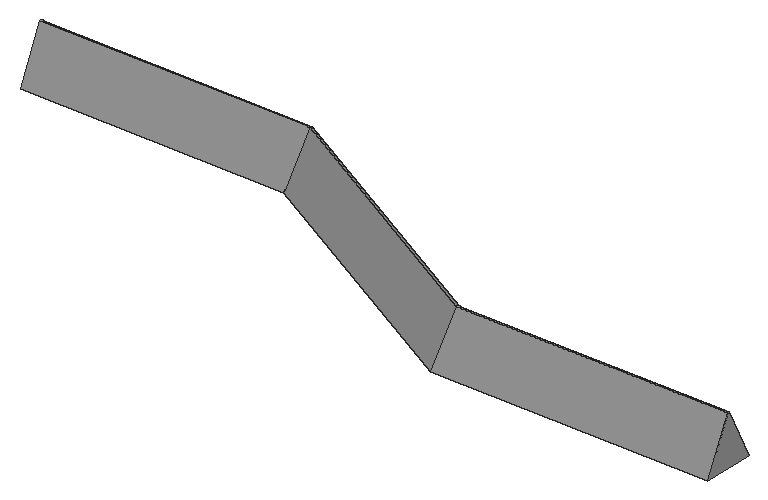
Revit family "Armeret_BetonZig-Zag_50mm_p_i_t_1131110", category Generic Models, Revit 2019
Family settings
  Can host rebar = No
  Round Connector Dimension = Use Diameter
  Part Type = Normal
  Work Plane-Based = Yes
  Always vertical = No
  Cut with Voids When Loaded = No
  Shared = No
  Room Calculation Point = No
Parameters (values of type "50 mm")
  concrete = Concrete
  Website Link = "https://haucon.dk/produkt/armeret-beton-zig-zag/#variations"
  Total Length = 800 mm
  Technical Data Sheet = "https://haucon.dk/wp-content/uploads/2016/04/1131090-Beton-zig-zag-TDS-DK.pdf"
  Default Elevation = 1219.2 mm
  Armerment width = 50 mm
  Armerment Height = Armerment width  # 50 mm
Types (13, lengths in mm): name | Armerment width | Armerment Height
  35 mm | 35 | 35
  55 mm | 55 | 55
  40 mm | 40 | 40
  45 mm | 45 | 45
  50 mm | 50 | 50
  60 mm | 60 | 60
  25 mm | 25 | 25
  30 mm | 30 | 30
  70 mm | 70 | 70
  75 mm | 75 | 75
  80 mm | 80 | 80
  90 mm | 90 | 90
  100 mm | 100 | 100
Reference planes
  plane 1 "Center (Front/Back)": y = 0
  plane 2: z = 0
  plane 3 "Center (Left/Right)": x = 0
  plane 4: y = 25
  plane 5: y = -25
  plane 6: z = 50
  plane 7: x = 266.667
  plane 8: x = 533.333
  plane 9: x = 800
Forms (mm)
  Sweep 1, solid, material "Concrete" <- "concrete"
    path origin (135, 0, 0) x (1, 0, 0) y (0, 1, 0)
      loop
        line (-135, 0) -> (132.554, 0) -> (397.446, -149.776) -> (665, -149.776)
    profile origin (133.777, 0, 0) x (0, 1, 0) y (0, 0, 1)
      loop
        line (25, 0) -> (0.856, 49.544)
        arc (0.856, 49.544) -> (0, 49.98) -> (-0.856, 49.544) r 1.059
        line (-0.856, 49.544) -> (-25, 0) -> (25, 0)
Dimensions and locks
  equal spacing: plane 4, plane 1 "Center (Front/Back)", plane 5
  "Armerment width": plane 4 to plane 5
  "Armerment Height": level to plane 6
  "Total Length": plane 3 "Center (Left/Right)" to plane 9
  equal spacing: plane 3 "Center (Left/Right)", plane 7, plane 8, plane 9
  aligned and locked: level to plane 2
  aligned and locked: level to Sweep 1 sketch curve
  aligned and locked: plane 3 "Center (Left/Right)" to Sweep 1
  aligned and locked: plane 9 to Sweep 1 sketch curve
Automatic sketch dimensions
  plane 1 "Center (Front/Back)" to Sweep 1 sketch curve = 0 mm
  Sweep 1 sketch curve to plane 3 "Center (Left/Right)" = 0 mm
  Sweep 1 sketch curve to plane 7 = 0.887 mm
  plane 8 to Sweep 1 sketch curve = 0.887 mm
  plane 1 "Center (Front/Back)" to Sweep 1 sketch curve = 149.776 mm
  Sweep 1 sketch curve to plane 5 = 0 mm
  Sweep 1 sketch curve to profile plane = 0 mm
  Sweep 1 sketch curve to plane 4 = 0 mm
  plane 6 to Sweep 1 sketch curve = 0.456 mm  (x2)
  profile plane to Sweep 1 sketch curve = 0.856 mm
  Sweep 1 sketch curve to Sweep 1 sketch curve = 0.623 mm
